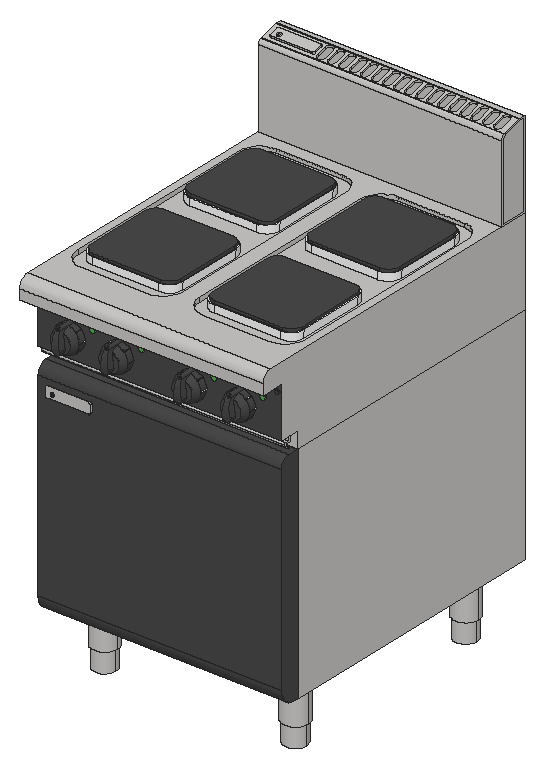
Revit family "QF_Moffat_RNB8400SE-CD_Electric_Cooktops_Sealed_Hobs_cat", category Specialty Equipment, Revit 2019
Family settings
  Round Connector Dimension = Use Diameter
  Part Type = Normal
  Work Plane-Based = No
  Always vertical = Yes
  Cut with Voids When Loaded = No
  Shared = No
  Room Calculation Point = No
Parameters (values of type "RNB8400SE-CD")
  Weight in Kilograms = 79
  Watts = 8800 W
  Volts = 400 V
  URL Cutsheet = ""
  Specification by User = ""
  Specification by Manufacturer = ""
  Show Low Back [instance] = no
  Show Logo [instance] = yes
  Show High Back [instance] = not(Show Low Back)  # yes
  Serial Number = ""
  Seismic Rating = ""
  SMACNA No = ""
  Revision Code = ""
  Phase = 2
  Number of Poles = 1
  NAFEM Spec ID Number = ""
  Model = "RNB8400SE-CD"
  Min Ckt Ampacity = 0 A
  Max Overcurrent Protection = 0 A
  Masterspec = ""
  Manufacturer = "Moffat"
  Length = 600 mm
  Item Number = ""
  Installed By = ""
  Identify Quantity as Lot = yes
  Height = 1130 mm
  HP = ""
  Furnished By = ""
  Foodservice Equipment Identifier = yes
  FL Amps = 22 A
  Electrical Remarks = ""
  Electric Connection Type = ""
  Elec Conn RI Height = 0 mm
  Elec Conn Connection Height = 0 mm
  Description = "Electric Cooktops Sealed Hobs"
  Depth = 805 mm
  Cycle = 50 Hz
  Conn Plug = ""
  Conn Conduit = yes
  CSI MasterFormat = ""
  Apparent Power = if(Phase = 3, Volts * FL Amps * 1.73, Volts * FL Amps)  # 8800 VA
Reference planes
  plane 1 "BACK": y = 0
  plane 2: z = 0
  plane 3 "LEFT": x = 0
  plane 4 "RIGHT": x = 600
  plane 5 "FRONT": y = -805
  plane 6 "TOP": z = 1130
  plane 7 "Center Y": x = 300
  plane 8 "Center X": y = -402.5
Dimensions and locks
  equal spacing: plane 3 "LEFT", plane 7 "Center Y", plane 4 "RIGHT"
  "Length": plane 3 "LEFT" to plane 4 "RIGHT"
  equal spacing: plane 5 "FRONT", plane 8 "Center X", plane 1 "BACK"
  "Depth": plane 5 "FRONT" to plane 1 "BACK"
  "Height": plane 6 "TOP" to level
  aligned and locked: level to plane 2
Nested families
  nested 1: "RN8400SE-CD" at (0, 0, 0), type "RN8400SE-CD"
  nested 2: "High and Low Option" at (0, 0, 0), High Back <- "Show High Back", Low Back <- "Show Low Back", Show Logo <- "Show Logo", type "RNLB8610SE"
    with Show Logo 2 yes, Show Logo 1 no, Show Logo yes, Low Back no, High Back yes
Connectors
  electrical at (470, -30, 148.4), driven by "Volts", driven by "Watts"
    settings: on nested 1, index 1, voltage 400 V, apparent load 8800 VA, apparent load phase1 0 VA, apparent load phase2 0 VA, apparent load phase3 0 VA, power factor 1, load classification "Other", number of poles 1, system type 30, power factor state 1, is connector primary yes, connector utility no, sub classification motor no, connector description "ELECTRICAL CONNECTION"
Definition of nested family "RN8400SE-CD"
  Parameters (values of type "RN8400SE-CD")
    Weight in Kilograms = 131
    URL Cutsheet = ""
    Specification by User = ""
    Specification by Manufacturer = ""
    Serial Number = ""
    Seismic Rating = ""
    SMACNA No = ""
    Revision Code = ""
    NAFEM Spec ID Number = ""
    Model = "RN8400SE-CD"
    Masterspec = ""
    Manufacturer = "Moffat"
    Length = 600 mm
    Item Number = ""
    Installed By = ""
    Identify Quantity as Lot = yes
    Height = 915 mm
    Furnished By = ""
    Foodservice Equipment Identifier = yes
    Description = "Electric Cooktops Sealed Hobs"
    Depth = 805 mm
    CSI MasterFormat = ""
  Reference planes
    plane 1 "BACK": y = 0
    plane 2: z = 0
    plane 3 "LEFT": x = 0
    plane 4 "RIGHT": x = 600
    plane 5 "FRONT": y = -805
    plane 6 "TOP": z = 915
    plane 7 "Center Y": x = 300
    plane 8 "Center X": y = -402.5
    plane 9: x = 470
    plane 10: y = -30
  Forms (mm)
    Extrusion 1, solid
      sketch origin (0, 0, 215) x (0, 1, 0) y (0, 0, 1)
        loop
          line (-749, 525) -> (-699, 525) -> (-699, 485.45) -> (0, 485.45) -> (0, 525) -> (0, 700) -> (-781, 700)
          arc (-781, 700) -> (-797.971, 692.971) -> (-805, 676) r 24
          line (-805, 676) -> (-805, 651) -> (-749, 651) -> (-749, 525)
      from 0 to 600
    Extrusion 2, solid
      sketch origin (0, 0, 0) x (0, 1, 0) y (0, 0, 1)
        loop
          line (-699, 700.45) -> (-725, 700.45)
          arc (-725, 700.45) -> (-741.971, 693.421) -> (-749, 676.45) r 24
          line (-749, 676.45) -> (-749, 188)
          arc (-749, 188) -> (-737.87, 161.13) -> (-711, 150) r 38
          line (-711, 150) -> (-699, 150) -> (-699, 700.45)
      from 0 to 600
    Extrusion 3, solid
      sketch origin (0, 0, 915) x (0, -1, 0) y (1, 0, 0)
        loop
          arc (142, 67) -> (149.908, 47.908) -> (169, 40) r 27
          line (169, 40) -> (335, 40)
          arc (335, 40) -> (354.092, 47.908) -> (362, 67) r 27
          line (362, 67) -> (362, 233)
          arc (362, 233) -> (354.092, 252.092) -> (335, 260) r 27
          line (335, 260) -> (169, 260)
          arc (169, 260) -> (149.908, 252.092) -> (142, 233) r 27
          line (142, 233) -> (142, 67)
        loop
          arc (442, 67) -> (449.908, 47.908) -> (469, 40) r 27
          line (469, 40) -> (635, 40)
          arc (635, 40) -> (654.092, 47.908) -> (662, 67) r 27
          line (662, 67) -> (662, 233)
          arc (662, 233) -> (654.092, 252.092) -> (635, 260) r 27
          line (635, 260) -> (469, 260)
          arc (469, 260) -> (449.908, 252.092) -> (442, 233) r 27
          line (442, 233) -> (442, 67)
      from 8.3 to 14.4
    Extrusion 4, solid
      sketch origin (0, 0, 915) x (0, -1, 0) y (1, 0, 0)
        loop
          line (142, 533) -> (142, 367)
          arc (142, 367) -> (149.908, 347.908) -> (169, 340) r 27
          line (169, 340) -> (335, 340)
          arc (335, 340) -> (354.092, 347.908) -> (362, 367) r 27
          line (362, 367) -> (362, 533)
          arc (362, 533) -> (354.092, 552.092) -> (335, 560) r 27
          line (335, 560) -> (169, 560)
          arc (169, 560) -> (149.908, 552.092) -> (142, 533) r 27
        loop
          line (442, 533) -> (442, 367)
          arc (442, 367) -> (449.908, 347.908) -> (469, 340) r 27
          line (469, 340) -> (635, 340)
          arc (635, 340) -> (654.092, 347.908) -> (662, 367) r 27
          line (662, 367) -> (662, 533)
          arc (662, 533) -> (654.092, 552.092) -> (635, 560) r 27
          line (635, 560) -> (469, 560)
          arc (469, 560) -> (449.908, 552.092) -> (442, 533) r 27
      from 8.3 to 14.4
    Extrusion 5, void
      sketch origin (0, 0, 915) x (1, 0, 0) y (0, -1, 0)
        loop
          line (69, 102) -> (231, 102)
          arc (231, 102) -> (266.355, 116.645) -> (281, 152) r 50
          line (281, 152) -> (281, 652)
          arc (281, 652) -> (266.355, 687.355) -> (231, 702) r 50
          line (231, 702) -> (69, 702)
          arc (69, 702) -> (33.645, 687.355) -> (19, 652) r 50
          line (19, 652) -> (19, 152)
          arc (19, 152) -> (33.645, 116.645) -> (69, 102) r 50
        loop
          arc (531, 102) -> (566.355, 116.645) -> (581, 152) r 50
          line (581, 152) -> (581, 652)
          arc (581, 652) -> (566.355, 687.355) -> (531, 702) r 50
          line (531, 702) -> (369, 702)
          arc (369, 702) -> (333.645, 687.355) -> (319, 652) r 50
          line (319, 652) -> (319, 152)
          arc (319, 152) -> (333.645, 116.645) -> (369, 102) r 50
          line (369, 102) -> (531, 102)
      from 0 to 9.5
    Extrusion 6, solid
      sketch origin (0, 0, 915) x (0, -1, 0) y (1, 0, 0)
        loop
          arc (138, 68) -> (147.373, 45.373) -> (170, 36) r 32
          line (170, 36) -> (333.983, 36)
          arc (333.983, 36) -> (356.61, 45.373) -> (365.983, 68) r 32
          line (365.983, 68) -> (365.983, 232)
          arc (365.983, 232) -> (356.61, 254.627) -> (333.983, 264) r 32
          line (333.983, 264) -> (170, 264)
          arc (170, 264) -> (147.373, 254.627) -> (138, 232) r 32
          line (138, 232) -> (138, 68)
        loop
          line (666, 68) -> (666, 232)
          arc (666, 232) -> (656.627, 254.627) -> (634, 264) r 32
          line (634, 264) -> (470, 264)
          arc (470, 264) -> (447.373, 254.627) -> (438, 232) r 32
          line (438, 232) -> (438, 68)
          arc (438, 68) -> (447.373, 45.373) -> (470, 36) r 32
          line (470, 36) -> (634, 36)
          arc (634, 36) -> (656.627, 45.373) -> (666, 68) r 32
        loop
          line (138, 532) -> (138, 368)
          arc (138, 368) -> (147.373, 345.373) -> (170, 336) r 32
          line (170, 336) -> (333.983, 336)
          arc (333.983, 336) -> (356.61, 345.373) -> (365.983, 368) r 32
          line (365.983, 368) -> (365.983, 532)
          arc (365.983, 532) -> (356.61, 554.627) -> (333.983, 564) r 32
          line (333.983, 564) -> (170, 564)
          arc (170, 564) -> (147.373, 554.627) -> (138, 532) r 32
        loop
          arc (666, 532) -> (656.627, 554.627) -> (634, 564) r 32
          line (634, 564) -> (470, 564)
          arc (470, 564) -> (447.373, 554.627) -> (438, 532) r 32
          line (438, 532) -> (438, 368)
          arc (438, 368) -> (447.373, 345.373) -> (470, 336) r 32
          line (470, 336) -> (634, 336)
          arc (634, 336) -> (656.627, 345.373) -> (666, 368) r 32
          line (666, 368) -> (666, 532)
      from -9.5 to 8.3
    Extrusion 7, solid
      sketch origin (9.358, -749, 935.093) x (0, 0, 1) y (-1, 0, 0)
        loop
          circle (-88.657, -0.657) r 5
        loop
          circle (-88.657, -580.626) r 5
      from 0 to 1.6
    Extrusion 8, solid
      sketch origin (-381.085, -749, 844.742) x (0, 0, 1) y (-1, 0, 0)
        loop
          circle (-20.842, -516.085) r 7.15
        loop
          circle (-20.842, -636.085) r 7.15
        loop
          circle (-20.842, -935.986) r 7.15
        loop
          circle (-20.842, -815.986) r 7.15
      from 0 to 1.6
    Revolve 9, solid
      sketch origin (0, -625, 50) x (0, 0, -1) y (1, 0, 0)
        loop
          line (50, 535) -> (-100, 535) -> (-100, 503.25) -> (0, 503.25) -> (0, 507.5) -> (50, 507.5) -> (50, 535)
        axis (-100, 535) -> (50, 535)
      angle from 0 to 360
    Revolve 10, solid
      sketch origin (0, -100, 50) x (0, 0, -1) y (1, 0, 0)
        loop
          line (50, 535) -> (-100, 535) -> (-100, 503.25) -> (0, 503.25) -> (0, 507.5) -> (50, 507.5) -> (50, 535)
        axis (-100, 535) -> (50, 535)
      angle from 0 to 360
    Revolve 11, solid
      sketch origin (600, -625, 50) x (0, 0, -1) y (1, 0, 0)
        loop
          line (50, -535) -> (50, -507.5) -> (0, -507.5) -> (0, -503.25) -> (-100, -503.25) -> (-100, -535) -> (50, -535)
        axis (-100, -535) -> (50, -535)
      angle from 0 to 360
    Revolve 12, solid
      sketch origin (600, -100, 50) x (0, 0, -1) y (1, 0, 0)
        loop
          line (50, -535) -> (50, -507.5) -> (0, -507.5) -> (0, -503.25) -> (-100, -503.25) -> (-100, -535) -> (50, -535)
        axis (-100, -535) -> (50, -535)
      angle from 0 to 360
    Extrusion 13, solid
      sketch origin (0, 5, 815) x (0, 1, 0) y (0, 0, 1)
        loop
          line (-730.6, -75) -> (-730.6, -85) -> (-740.105, -85)
          arc (-740.105, -85) -> (-743.076, -86.985) -> (-742.379, -90.489) r 3.215
          line (-742.379, -90.489) -> (-731.85, -101.018) -> (-730.719, -99.887) -> (-741.247, -89.358)
          arc (-741.247, -89.358) -> (-741.597, -87.597) -> (-740.105, -86.6) r 1.615
          line (-740.105, -86.6) -> (-729, -86.6) -> (-729, -75) -> (-730.6, -75)
      from 0 to 600
    Extrusion 14, solid
      sketch origin (0, -711, 150) x (1, 0, 0) y (0, -1, 0)
        loop
          circle (470, -681) r 6.4
      from 0 to 1.6
    Extrusion 15, solid
      sketch origin (600, 0, 0) x (0, -1, 0) y (0, 0, 1)
        loop
          line (699, 700.45) -> (0, 700.45) -> (0, 150) -> (699, 150) -> (699, 700.45)
      from 0 to 600
  Cuts and joins
    Extrusion 5 cuts Extrusion 2
    joined: Extrusion 2, Extrusion 14
    Extrusion 5 cuts Extrusion 1
  Lines and regions (mm)
    symbolic lines
      curve 1: line (600, -805, 0) -> (600, 0, 0)
      curve 2: line (600, 0, 0) -> (0, 0, 0)
      curve 3: line (0, 0, 0) -> (0, -805, 0)
      curve 4: line (0, -805, 0) -> (600, -805, 0)
      curve 5: arc (69, -702, 0) -> (33.645, -687.355, 0) -> (19, -652, 0) r 50
      curve 6: line (19, -652, 0) -> (19, -152, 0)
      curve 7: arc (19, -152, 0) -> (33.645, -116.645, 0) -> (69, -102, 0) r 50
      curve 8: line (69, -102, 0) -> (231, -102, 0)
      curve 9: arc (231, -102, 0) -> (266.355, -116.645, 0) -> (281, -152, 0) r 50
      curve 10: line (281, -152, 0) -> (281, -652, 0)
      curve 11: arc (281, -652, 0) -> (266.355, -687.355, 0) -> (231, -702, 0) r 50
      curve 12: line (231, -702, 0) -> (69, -702, 0)
      curve 13: arc (369, -702, 0) -> (333.645, -687.355, 0) -> (319, -652, 0) r 50
      curve 14: line (319, -652, 0) -> (319, -152, 0)
      curve 15: arc (319, -152, 0) -> (333.645, -116.645, 0) -> (369, -102, 0) r 50
      curve 16: line (369, -102, 0) -> (531, -102, 0)
      curve 17: arc (531, -102, 0) -> (566.355, -116.645, 0) -> (581, -152, 0) r 50
      curve 18: line (581, -152, 0) -> (581, -652, 0)
      curve 19: arc (581, -652, 0) -> (566.355, -687.355, 0) -> (531, -702, 0) r 50
      curve 20: line (531, -702, 0) -> (369, -702, 0)
      curve 21: line (340, -469, 0) -> (340, -635, 0)
      curve 22: arc (340, -635, 0) -> (347.908, -654.092, 0) -> (367, -662, 0) r 27
      curve 23: line (367, -662, 0) -> (533, -662, 0)
      curve 24: arc (533, -662, 0) -> (552.092, -654.092, 0) -> (560, -635, 0) r 27
      curve 25: line (560, -635, 0) -> (560, -469, 0)
      curve 26: arc (560, -469, 0) -> (552.092, -449.908, 0) -> (533, -442, 0) r 27
      curve 27: line (533, -442, 0) -> (367, -442, 0)
      curve 28: arc (367, -442, 0) -> (347.908, -449.908, 0) -> (340, -469, 0) r 27
      curve 29: line (336, -470, 0) -> (336, -634, 0)
      curve 30: arc (336, -634, 0) -> (345.373, -656.627, 0) -> (368, -666, 0) r 32
      curve 31: line (368, -666, 0) -> (532, -666, 0)
      curve 32: arc (532, -666, 0) -> (554.627, -656.627, 0) -> (564, -634, 0) r 32
      curve 33: line (564, -634, 0) -> (564, -470, 0)
      curve 34: arc (564, -470, 0) -> (554.627, -447.373, 0) -> (532, -438, 0) r 32
      curve 35: line (532, -438, 0) -> (368, -438, 0)
      curve 36: arc (368, -438, 0) -> (345.373, -447.373, 0) -> (336, -470, 0) r 32
      curve 37: line (340, -169, 0) -> (340, -335, 0)
      curve 38: arc (340, -335, 0) -> (347.908, -354.092, 0) -> (367, -362, 0) r 27
      curve 39: line (367, -362, 0) -> (533, -362, 0)
      curve 40: arc (533, -362, 0) -> (552.092, -354.092, 0) -> (560, -335, 0) r 27
      curve 41: line (560, -335, 0) -> (560, -169, 0)
      curve 42: arc (560, -169, 0) -> (552.092, -149.908, 0) -> (533, -142, 0) r 27
      curve 43: line (533, -142, 0) -> (367, -142, 0)
      curve 44: arc (367, -142, 0) -> (347.908, -149.908, 0) -> (340, -169, 0) r 27
      curve 45: line (336, -170, 0) -> (336, -333.983, 0)
      curve 46: arc (336, -333.983, 0) -> (345.373, -356.61, 0) -> (368, -365.983, 0) r 32
      curve 47: line (368, -365.983, 0) -> (532, -365.983, 0)
      curve 48: arc (532, -365.983, 0) -> (554.627, -356.61, 0) -> (564, -333.983, 0) r 32
      curve 49: line (564, -333.983, 0) -> (564, -170, 0)
      curve 50: arc (564, -170, 0) -> (554.627, -147.373, 0) -> (532, -138, 0) r 32
      curve 51: line (532, -138, 0) -> (368, -138, 0)
      curve 52: arc (368, -138, 0) -> (345.373, -147.373, 0) -> (336, -170, 0) r 32
      curve 53: line (264, -333.983, 0) -> (264, -170, 0)
      curve 54: arc (264, -170, 0) -> (254.627, -147.373, 0) -> (232, -138, 0) r 32
      curve 55: line (232, -138, 0) -> (68, -138, 0)
      curve 56: arc (68, -138, 0) -> (45.373, -147.373, 0) -> (36, -170, 0) r 32
      curve 57: line (36, -170, 0) -> (36, -333.983, 0)
      curve 58: arc (36, -333.983, 0) -> (45.373, -356.61, 0) -> (68, -365.983, 0) r 32
      curve 59: line (68, -365.983, 0) -> (232, -365.983, 0)
      curve 60: arc (232, -365.983, 0) -> (254.627, -356.61, 0) -> (264, -333.983, 0) r 32
      curve 61: line (260, -335, 0) -> (260, -169, 0)
      curve 62: arc (260, -169, 0) -> (252.092, -149.908, 0) -> (233, -142, 0) r 27
      curve 63: line (233, -142, 0) -> (67, -142, 0)
      curve 64: arc (67, -142, 0) -> (47.908, -149.908, 0) -> (40, -169, 0) r 27
      curve 65: line (40, -169, 0) -> (40, -335, 0)
      curve 66: arc (40, -335, 0) -> (47.908, -354.092, 0) -> (67, -362, 0) r 27
      curve 67: line (67, -362, 0) -> (233, -362, 0)
      curve 68: arc (233, -362, 0) -> (252.092, -354.092, 0) -> (260, -335, 0) r 27
      curve 69: arc (260, -469, 0) -> (252.092, -449.908, 0) -> (233, -442, 0) r 27
      curve 70: line (233, -442, 0) -> (67, -442, 0)
      curve 71: arc (67, -442, 0) -> (47.908, -449.908, 0) -> (40, -469, 0) r 27
      curve 72: line (40, -469, 0) -> (40, -635, 0)
      curve 73: arc (40, -635, 0) -> (47.908, -654.092, 0) -> (67, -662, 0) r 27
      curve 74: line (67, -662, 0) -> (233, -662, 0)
      curve 75: arc (233, -662, 0) -> (252.092, -654.092, 0) -> (260, -635, 0) r 27
      curve 76: line (260, -635, 0) -> (260, -469, 0)
      curve 77: arc (264, -470, 0) -> (254.627, -447.373, 0) -> (232, -438, 0) r 32
      curve 78: line (232, -438, 0) -> (68, -438, 0)
      curve 79: arc (68, -438, 0) -> (45.373, -447.373, 0) -> (36, -470, 0) r 32
      curve 80: line (36, -470, 0) -> (36, -634, 0)
      curve 81: arc (36, -634, 0) -> (45.373, -656.627, 0) -> (68, -666, 0) r 32
      curve 82: line (68, -666, 0) -> (232, -666, 0)
      curve 83: arc (232, -666, 0) -> (254.627, -656.627, 0) -> (264, -634, 0) r 32
      curve 84: line (264, -634, 0) -> (264, -470, 0)
  Dimensions and locks
    equal spacing: plane 3 "LEFT", plane 7 "Center Y", plane 4 "RIGHT"
    "Length": plane 3 "LEFT" to plane 4 "RIGHT"
    equal spacing: plane 5 "FRONT", plane 8 "Center X", plane 1 "BACK"
    "Depth": plane 5 "FRONT" to plane 1 "BACK"
    plane 9 to plane 4 "RIGHT" = 130 mm
    plane 10 to plane 1 "BACK" = 30 mm
    "Height": plane 6 "TOP" to level
    aligned and locked: level to plane 2
  Automatic sketch dimensions
    Extrusion 1 sketch curve to plane 5 "FRONT" = 0 mm
    Extrusion 1 sketch curve to plane 5 "FRONT" = 24 mm
    Extrusion 1 sketch curve to plane 5 "FRONT" = 56 mm
    Extrusion 1 sketch curve to Extrusion 1 sketch curve = 50 mm
    Extrusion 1 sketch curve to Extrusion 1 sketch curve = 25 mm
    Extrusion 1 sketch curve to Extrusion 1 sketch curve = 126 mm
    Extrusion 1 sketch curve to Extrusion 1 sketch curve = 175 mm
    Extrusion 1 sketch curve to Extrusion 1 sketch curve = 39.55 mm
    Extrusion 3 sketch curve to Extrusion 3 sketch curve = 27 mm  (x6)
    Extrusion 3 sketch curve to Extrusion 3 sketch curve = 166 mm  (x5)
    Extrusion 1 to Extrusion 3 sketch curve = 67 mm
    Extrusion 3 sketch curve to Extrusion 3 sketch curve = 80 mm
    Extrusion 3 sketch curve to Extrusion 1 = 146 mm  (x2)
    Extrusion 1 to Extrusion 3 sketch curve = 40 mm
    Extrusion 4 sketch curve to Extrusion 4 sketch curve = 27 mm  (x6)
    Extrusion 4 sketch curve to Extrusion 4 sketch curve = 166 mm  (x4)
    Extrusion 1 to Extrusion 4 sketch curve = 67 mm  (x2)
    Extrusion 4 sketch curve to Extrusion 4 sketch curve = 80 mm
    Extrusion 4 sketch curve to Extrusion 1 = 146 mm  (x2)
    Extrusion 4 sketch curve to Extrusion 4 sketch curve = 0 mm
    Extrusion 1 to Extrusion 5 sketch curve = 19 mm  (x2)
    Extrusion 5 sketch curve to Extrusion 5 sketch curve = 50 mm  (x5)
    Extrusion 5 sketch curve to Extrusion 5 sketch curve = 162 mm  (x2)
    Extrusion 5 sketch curve to Extrusion 5 sketch curve = 38 mm
    Extrusion 1 to Extrusion 5 sketch curve = 69 mm  (x2)
    Extrusion 5 sketch curve to Extrusion 1 = 129 mm
    Extrusion 5 sketch curve to Extrusion 5 sketch curve = 0 mm  (x2)
    Extrusion 6 sketch curve to Extrusion 6 sketch curve = 32 mm  (x11)
    Extrusion 1 to Extrusion 6 sketch curve = 36 mm  (x3)
    Extrusion 6 sketch curve to Extrusion 6 sketch curve = 163.983 mm  (x3)
    Extrusion 1 to Extrusion 6 sketch curve = 68 mm  (x2)
    Extrusion 6 sketch curve to Extrusion 6 sketch curve = 0 mm  (x3)
    Extrusion 6 sketch curve to Extrusion 6 sketch curve = 72.017 mm  (x2)
    Extrusion 6 sketch curve to Extrusion 1 = 147 mm  (x3)
    Extrusion 6 sketch curve to Extrusion 6 sketch curve = 164 mm  (x3)
    Extrusion 6 sketch curve to Extrusion 6 sketch curve = 72 mm  (x2)
    plane 4 "RIGHT" to Extrusion 7 sketch curve = 10.016 mm
    Extrusion 7 sketch curve to plane 6 "TOP" = 68.564 mm  (x2)
    plane 3 "LEFT" to Extrusion 7 sketch curve = 10.016 mm
    Extrusion 8 sketch curve to plane 7 "Center Y" = 45 mm
    Extrusion 8 sketch curve to plane 6 "TOP" = 91.1 mm
    plane 4 "RIGHT" to Extrusion 8 sketch curve = 45.099 mm
    Extrusion 8 sketch curve to Extrusion 8 sketch curve = 0 mm  (x3)
    Extrusion 8 sketch curve to Extrusion 8 sketch curve = 120 mm  (x2)
    Revolve 9 sketch curve to level = 0 mm
    level to Revolve 9 sketch curve = 50 mm
    Revolve 9 sketch curve to Revolve 9 sketch curve = 100 mm
    plane 4 "RIGHT" to Revolve 9 sketch curve = 96.75 mm
    Revolve 9 sketch curve to Revolve 9 sketch curve = 4.25 mm
    Revolve 9 sketch curve to Revolve 9 sketch curve = 27.5 mm
    Revolve 9 sketch curve to Revolve 9 sketch curve = 15 mm
    Revolve 9 sketch curve to Revolve 9 sketch curve = 0 mm  (x2)
    Revolve 10 sketch curve to level = 0 mm
    level to Revolve 10 sketch curve = 50 mm
    Revolve 10 sketch curve to Revolve 10 sketch curve = 100 mm
    plane 4 "RIGHT" to Revolve 10 sketch curve = 96.75 mm
    Revolve 10 sketch curve to Revolve 10 sketch curve = 4.25 mm
    Revolve 10 sketch curve to Revolve 10 sketch curve = 27.5 mm
    Revolve 10 sketch curve to Revolve 10 sketch curve = 15 mm
    Revolve 10 sketch curve to Revolve 10 sketch curve = 0 mm  (x2)
    Revolve 11 sketch curve to level = 0 mm
    level to Revolve 11 sketch curve = 50 mm
    Revolve 11 sketch curve to Revolve 11 sketch curve = 100 mm
    plane 3 "LEFT" to Revolve 11 sketch curve = 65 mm
    Revolve 11 sketch curve to Revolve 11 sketch curve = 27.5 mm
    Revolve 11 sketch curve to Revolve 11 sketch curve = 31.75 mm
    Revolve 11 sketch curve to Revolve 11 sketch curve = 15 mm
    Revolve 11 sketch curve to Revolve 11 sketch curve = 0 mm  (x2)
    Revolve 12 sketch curve to level = 0 mm
    level to Revolve 12 sketch curve = 50 mm
    Revolve 12 sketch curve to Revolve 12 sketch curve = 100 mm
    plane 3 "LEFT" to Revolve 12 sketch curve = 65 mm
    Revolve 12 sketch curve to Revolve 12 sketch curve = 27.5 mm
    Revolve 12 sketch curve to Revolve 12 sketch curve = 31.75 mm
    Revolve 12 sketch curve to Revolve 12 sketch curve = 15 mm
    Revolve 12 sketch curve to Revolve 12 sketch curve = 0 mm  (x2)
    plane 1 "BACK" to curve 2 = 0 mm
    curve 2 to plane 3 "LEFT" = 0 mm
    curve 2 to plane 4 "RIGHT" = 0 mm
    plane 5 "FRONT" to curve 1 = 0 mm
    plane 3 "LEFT" to curve 6 = 19 mm
    plane 3 "LEFT" to curve 12 = 69 mm
    plane 3 "LEFT" to curve 8 = 69 mm
    curve 11 to plane 7 "Center Y" = 69 mm
    curve 9 to plane 7 "Center Y" = 69 mm
    curve 10 to plane 7 "Center Y" = 19 mm
    curve 12 to plane 5 "FRONT" = 103 mm
    plane 1 "BACK" to curve 10 = 152 mm
    plane 7 "Center Y" to curve 14 = 19 mm
    plane 7 "Center Y" to curve 16 = 69 mm
    curve 13 to curve 13 = 50 mm
    plane 4 "RIGHT" to curve 19 = 69 mm
    plane 4 "RIGHT" to curve 17 = 69 mm
    plane 4 "RIGHT" to curve 18 = 19 mm
    curve 20 to curve 10 = 50 mm
    curve 13 to curve 21 = 21 mm
    curve 28 to curve 28 = 27 mm
    curve 23 to curve 13 = 2 mm
    plane 4 "RIGHT" to curve 27 = 67 mm
    curve 19 to curve 23 = 2 mm
    curve 26 to curve 25 = 27 mm
    curve 23 to curve 13 = 10 mm
    curve 25 to plane 8 "Center X" = 66.5 mm
    curve 29 to curve 22 = 4 mm
    curve 22 to curve 30 = 1 mm
    curve 28 to curve 36 = 1 mm
    curve 32 to curve 24 = 1 mm
    curve 34 to curve 26 = 1 mm
    curve 26 to curve 33 = 4 mm
    curve 31 to curve 24 = 4 mm
    curve 33 to curve 26 = 1 mm
    plane 7 "Center Y" to curve 37 = 40 mm
    curve 37 to curve 39 = 27 mm
    curve 43 to curve 15 = 2 mm
    curve 17 to curve 42 = 2 mm
    plane 4 "RIGHT" to curve 40 = 67 mm
    curve 40 to curve 41 = 27 mm
    plane 8 "Center X" to curve 39 = 40.5 mm
    curve 42 to curve 17 = 17 mm
    curve 45 to curve 37 = 4 mm
    curve 44 to curve 52 = 1 mm
    curve 39 to curve 47 = 1 mm
    curve 48 to curve 40 = 1 mm
    curve 51 to curve 42 = 1 mm
    curve 42 to curve 49 = 4 mm
    curve 47 to curve 39 = 3.983 mm
    curve 49 to curve 42 = 1 mm
    plane 3 "LEFT" to curve 57 = 36 mm
    curve 56 to curve 7 = 1 mm
    curve 57 to curve 58 = 32 mm
    curve 9 to curve 55 = 1 mm
    curve 60 to plane 7 "Center Y" = 68 mm
    curve 53 to curve 10 = 17 mm
    plane 8 "Center X" to curve 59 = 36.517 mm
    curve 57 to curve 7 = 18 mm
    curve 56 to curve 65 = 4 mm
    curve 63 to curve 56 = 1 mm
    curve 67 to curve 58 = 1 mm
    curve 60 to curve 68 = 1 mm
    curve 54 to curve 62 = 1 mm
    curve 61 to curve 53 = 4 mm
    curve 58 to curve 67 = 3.983 mm
    curve 53 to curve 61 = 1 mm
    curve 6 to curve 72 = 21 mm
    curve 71 to curve 70 = 27 mm
    curve 73 to curve 5 = 2 mm
    curve 69 to plane 7 "Center Y" = 67 mm
    curve 11 to curve 74 = 2 mm
    curve 75 to curve 76 = 27 mm
    curve 74 to curve 5 = 10 mm
    curve 72 to plane 8 "Center X" = 66.5 mm
    curve 80 to curve 72 = 4 mm
    curve 71 to curve 78 = 1 mm
    curve 74 to curve 82 = 1 mm
    curve 83 to curve 75 = 1 mm
    curve 78 to curve 70 = 1 mm
    curve 69 to curve 84 = 4 mm
    curve 82 to curve 74 = 4 mm
    curve 80 to curve 72 = 1 mm
    Extrusion 13 sketch curve to Extrusion 13 sketch curve = 0 mm  (x2)
    Extrusion 13 sketch curve to plane 6 "TOP" = 190.489 mm
    Extrusion 13 sketch curve to plane 5 "FRONT" = 67.621 mm
    Extrusion 13 sketch curve to plane 6 "TOP" = 189.358 mm
    Extrusion 13 sketch curve to Extrusion 13 sketch curve = 1.131 mm
    Extrusion 13 sketch curve to Extrusion 13 sketch curve = 1.142 mm  (x2)
    Extrusion 13 sketch curve to plane 6 "TOP" = 201.018 mm
    Extrusion 13 sketch curve to Extrusion 13 sketch curve = 10.529 mm
    Extrusion 13 sketch curve to Extrusion 13 sketch curve = 9.505 mm
    Extrusion 13 sketch curve to Extrusion 13 sketch curve = 1.6 mm
    Extrusion 13 sketch curve to Extrusion 13 sketch curve = 10 mm
    Extrusion 14 sketch curve to Extrusion 2 = 130 mm
    Extrusion 1 sketch curve to plane 1 "BACK" = 0 mm
    Extrusion 1 to Extrusion 5 sketch curve = 152 mm
    Extrusion 1 sketch curve to plane 6 "TOP" = 214.55 mm
    curve 45 to curve 10 = 18 mm
    Extrusion 2 sketch curve to plane 5 "FRONT" = 94 mm
    Extrusion 2 sketch curve to plane 5 "FRONT" = 80 mm
    Extrusion 2 sketch curve to Extrusion 2 sketch curve = 38 mm
    Extrusion 2 sketch curve to plane 6 "TOP" = 238.55 mm
    Extrusion 2 sketch curve to Extrusion 2 sketch curve = 26 mm
    level to Extrusion 2 sketch curve = 150 mm
    Extrusion 14 sketch curve to Extrusion 2 = 669 mm
    plane 10 to Extrusion 15 sketch curve = 30 mm
    Extrusion 15 sketch curve to plane 5 "FRONT" = 106 mm
    level to Extrusion 15 sketch curve = 150 mm
    Extrusion 15 sketch curve to plane 6 "TOP" = 214.55 mm
    radius of Extrusion 7 sketch curve = 5 mm  (x2)
    radius of Extrusion 8 sketch curve = 7.15 mm  (x4)
    radius of Extrusion 14 sketch curve = 6.4 mm
  Nested families
    nested 1: "Knob" at (57.503, -749, 764.5), type "Knob"
    nested 2: "Knob" at (177.503, -749, 764.5), type "Knob"
    nested 3: "Knob" at (357.503, -749, 764.5), type "Knob"
    nested 4: "Knob" at (477.503, -749, 764.5), type "Knob"
    nested 5: "QF_LOGO_Waldorf" at (22.139, -749, 634.843), type "QF_LOGO_Waldorf"
  Definition of nested family "Knob"
    Parameters (values of type "Knob")
      Weight in Pounds = 0
      URL Cutsheet = ""
      Specification by User = ""
      Specification by Manufacturer = ""
      Serial Number = ""
      Seismic Rating = ""
      SMACNA No = ""
      Revision Code = ""
      NAFEM Spec ID Number = ""
      Masterspec = ""
      Length = 65 mm
      Item Number = ""
      Installed By = ""
      Identify Quantity as Lot = yes
      Height = 69.5 mm
      Furnished By = ""
      Foodservice Equipment Identifier = yes
      Depth = 59 mm
      CSI MasterFormat = ""
    Reference planes
      plane 1 "BACK": y = 0
      plane 2: z = 0
      plane 3 "LEFT": x = 0
      plane 4 "RIGHT": x = 65
      plane 5 "FRONT": y = -59
      plane 6 "TOP": z = 69.5
      plane 7 "Center Y": x = 32.5
      plane 8 "Center X": y = -29.5
    Forms (mm)
      Revolve 1, solid
        sketch origin (32.5, 175.397, 1219.2) x (0, 1, 0) y (0, 0, 1)
          loop
            line (-175.397, -1186.7) -> (-219.397, -1186.7) -> (-219.397, -1211.501) -> (-202.106, -1219.2) -> (-185.397, -1219.2) -> (-185.397, -1191.7) -> (-175.397, -1191.7) -> (-175.397, -1186.7)
          axis (-219.397, -1186.7) -> (-175.397, -1186.7)
        angle from 0 to 360
      Extrusion 2, solid
        sketch origin (32.5, 175.397, 1219.2) x (0, 1, 0) y (0, 0, 1)
          loop
            line (-202.106, -1154.2) -> (-185.397, -1154.2) -> (-185.397, -1149.7) -> (-224.105, -1149.7)
            arc (-224.105, -1149.7) -> (-233.965, -1178.467) -> (-230.696, -1208.7) r 70
            line (-230.696, -1208.7) -> (-219.397, -1208.7) -> (-219.397, -1161.899) -> (-202.106, -1154.2)
        from -15 to 15
      Extrusion 3, void
        sketch origin (0, 0, 0) x (1, 0, 0) y (0, 0, 1)
          loop
            line (27.501, 64.613) -> (22.02, 20.585)
            arc (22.02, 20.585) -> (32.792, 10.488) -> (42.986, 21.169) r 10.487
            line (42.986, 21.169) -> (37.499, 64.613)
            arc (37.499, 64.613) -> (32.5, 69.5) -> (27.501, 64.613) r 5
          loop
            line (10, 72.977) -> (10, 5.625) -> (55, 5.625) -> (55, 72.977) -> (10, 72.977)
        from 6.142 to 69.687
      Extrusion 4, solid
        sketch origin (0, -34.115, -16.916) x (1, 0, 0) y (0, 0.45399, 0.891007)
          loop
            circle (32.497, 65) r 2
        from 51.525 to 53.075
      Extrusion 5, solid
        sketch origin (32.5, -10, 32.5) x (0, 0, -1) y (-1, 0, 0)
          loop
            line (-23.54, -22.408) -> (-24.106, -22.974)
            arc (-24.106, -22.974) -> (-23.547, -23.547) -> (-22.974, -24.106) r 33.3
            line (-22.974, -24.106) -> (-22.408, -23.54)
            arc (-22.408, -23.54) -> (-22.981, -22.981) -> (-23.54, -22.408) r 32.5
          loop
            arc (-0.8, -33.29) -> (0, -33.3) -> (0.8, -33.29) r 33.3
            line (0.8, -33.29) -> (0.8, -32.49)
            arc (0.8, -32.49) -> (0, -32.5) -> (-0.8, -32.49) r 32.5
            line (-0.8, -32.49) -> (-0.8, -33.29)
          loop
            arc (23.54, -22.408) -> (22.981, -22.981) -> (22.408, -23.54) r 32.5
            line (22.408, -23.54) -> (22.974, -24.106)
            arc (22.974, -24.106) -> (23.547, -23.547) -> (24.106, -22.974) r 33.3
            line (24.106, -22.974) -> (23.54, -22.408)
          loop
            arc (-23.54, 22.408) -> (-22.981, 22.981) -> (-22.408, 23.54) r 32.5
            line (-22.408, 23.54) -> (-22.974, 24.106)
            arc (-22.974, 24.106) -> (-23.547, 23.547) -> (-24.106, 22.974) r 33.3
            line (-24.106, 22.974) -> (-23.54, 22.408)
          loop
            line (-0.8, 33.29) -> (-0.8, 32.49)
            arc (-0.8, 32.49) -> (0, 32.5) -> (0.8, 32.49) r 32.5
            line (0.8, 32.49) -> (0.8, 33.29)
            arc (0.8, 33.29) -> (0, 33.3) -> (-0.8, 33.29) r 33.3
          loop
            line (32.49, -0.8) -> (33.29, -0.8)
            arc (33.29, -0.8) -> (33.3, 0) -> (33.29, 0.8) r 33.3
            line (33.29, 0.8) -> (32.49, 0.8)
            arc (32.49, 0.8) -> (32.5, 0) -> (32.49, -0.8) r 32.5
          loop
            arc (24.106, 22.974) -> (23.547, 23.547) -> (22.974, 24.106) r 33.3
            line (22.974, 24.106) -> (22.408, 23.54)
            arc (22.408, 23.54) -> (22.981, 22.981) -> (23.54, 22.408) r 32.5
            line (23.54, 22.408) -> (24.106, 22.974)
        from 0 to -16.709
    Cuts and joins
      Extrusion 3 cuts Extrusion 2
    Dimensions and locks
      equal spacing: plane 3 "LEFT", plane 7 "Center Y", plane 4 "RIGHT"
      "Length": plane 3 "LEFT" to plane 4 "RIGHT"
      equal spacing: plane 5 "FRONT", plane 8 "Center X", plane 1 "BACK"
      "Depth": plane 5 "FRONT" to plane 1 "BACK"
      "Height": plane 6 "TOP" to level
      plane 4 "RIGHT" to plane 3 "LEFT" = 65 mm
      aligned and locked: level to plane 2
    Automatic sketch dimensions
      Revolve 1 sketch curve to level = 0 mm
      Revolve 1 sketch curve to plane 1 "BACK" = 0 mm  (x2)
      plane 1 "BACK" to Revolve 1 sketch curve = 10 mm
      plane 8 "Center X" to Revolve 1 sketch curve = 2.791 mm
      Revolve 1 sketch curve to plane 8 "Center X" = 14.5 mm
      level to Revolve 1 sketch curve = 7.699 mm
      level to Revolve 1 sketch curve = 27.5 mm
      Revolve 1 sketch curve to Revolve 1 sketch curve = 5 mm
      Revolve 1 sketch curve to Revolve 1 sketch curve = 35 mm
      Revolve 1 sketch curve to Revolve 1 sketch curve = 0 mm
      Extrusion 2 sketch curve to plane 6 "TOP" = 0 mm
      Extrusion 2 sketch curve to plane 5 "FRONT" = 3.702 mm
      Extrusion 2 sketch curve to plane 5 "FRONT" = 10.293 mm
      Extrusion 2 sketch curve to Extrusion 2 sketch curve = 11.298 mm
      plane 8 "Center X" to Extrusion 2 sketch curve = 2.791 mm
      plane 1 "BACK" to Extrusion 2 sketch curve = 10 mm
      Extrusion 2 sketch curve to plane 1 "BACK" = 11 mm
      Extrusion 2 sketch curve to plane 6 "TOP" = 4.5 mm
      Extrusion 2 sketch curve to plane 6 "TOP" = 12.199 mm
      level to Extrusion 2 sketch curve = 32.962 mm
      level to Extrusion 3 sketch curve = 5.625 mm
      Extrusion 3 sketch curve to plane 7 "Center Y" = 0 mm  (x2)
      Extrusion 3 sketch curve to plane 7 "Center Y" = 4.999 mm
      Extrusion 3 sketch curve to plane 7 "Center Y" = 10.48 mm
      plane 6 "TOP" to Extrusion 3 sketch curve = 3.477 mm
      plane 3 "LEFT" to Extrusion 3 sketch curve = 10 mm
      Extrusion 3 sketch curve to plane 6 "TOP" = 4.887 mm
      Extrusion 3 sketch curve to Extrusion 3 sketch curve = 4.999 mm
      plane 7 "Center Y" to Extrusion 3 sketch curve = 10.486 mm
      level to Extrusion 3 sketch curve = 20.585 mm
      Extrusion 3 sketch curve to Extrusion 3 sketch curve = 0.387 mm
      Extrusion 3 sketch curve to Extrusion 3 sketch curve = 0.113 mm
      plane 4 "RIGHT" to Extrusion 3 sketch curve = 10 mm
      Extrusion 5 sketch curve to Revolve 1 = 32.49 mm
      Revolve 1 to Extrusion 5 sketch curve = 32.49 mm
      Extrusion 5 sketch curve to Revolve 1 = 23.54 mm  (x2)
      Revolve 1 to Extrusion 5 sketch curve = 23.54 mm  (x2)
      Extrusion 5 sketch curve to Revolve 1 = 24.106 mm  (x2)
      Revolve 1 to Extrusion 5 sketch curve = 24.106 mm  (x2)
      Revolve 1 to Extrusion 5 sketch curve = 22.408 mm  (x2)
      Extrusion 5 sketch curve to Revolve 1 = 22.408 mm  (x2)
      Revolve 1 to Extrusion 5 sketch curve = 22.974 mm  (x2)
      Extrusion 5 sketch curve to Revolve 1 = 22.974 mm  (x2)
      Extrusion 5 sketch curve to Extrusion 5 sketch curve = 1.6 mm  (x2)
      Revolve 1 to Extrusion 5 sketch curve = 0.8 mm
      Extrusion 5 sketch curve to Revolve 1 = 0.8 mm
      Extrusion 4 sketch curve to plane 7 "Center Y" = 0.003 mm
      radius of Extrusion 5 sketch curve to Revolve 1 = 0 mm  (x7)
      radius of Revolve 1 to Extrusion 5 sketch curve = 0.8 mm  (x7)
      radius of Extrusion 4 sketch curve = 2 mm
  Definition of nested family "QF_LOGO_Waldorf"
    Parameters (values of type "QF_LOGO_Waldorf")
      Weight in Pounds = 0
      URL Cutsheet = ""
      Specification by User = ""
      Specification by Manufacturer = ""
      Serial Number = ""
      Seismic Rating = ""
      SMACNA No = ""
      Revision Code = ""
      NAFEM Spec ID Number = ""
      Masterspec = ""
      Length = 138 mm
      Item Number = ""
      Installed By = ""
      Identify Quantity as Lot = yes
      Height = 26.711 mm
      Furnished By = ""
      Foodservice Equipment Identifier = yes
      Depth = 3.175 mm
      CSI MasterFormat = ""
    Reference planes
      plane 1 "BACK": y = 0
      plane 2: z = 0
      plane 3 "LEFT": x = 0
      plane 4 "RIGHT": x = 138
      plane 5 "FRONT": y = -3.175
      plane 6 "TOP": z = 26.711
      plane 7 "Center Y": x = 69
      plane 8 "Center X": y = -1.587
    Forms (mm)
      Extrusion 1, solid
        sketch origin (0, 0, 0) x (1, 0, 0) y (0, 0, 1)
          loop
            line (109, 3.464) -> (109, 23.247)
            spline (109, 23.247) -> (108.966, 23.699) -> (108.864, 24.143) -> (108.696, 24.572) -> (108.464, 24.979) -> (108.173, 25.355) -> (107.828, 25.696) -> (107.435, 25.995) -> (107, 26.247) -> (106.531, 26.447) -> (106.035, 26.593) -> (105.522, 26.681) -> (105, 26.711)
            line (105, 26.711) -> (4, 26.711)
            spline (4, 26.711) -> (3.478, 26.681) -> (2.965, 26.593) -> (2.469, 26.447) -> (2, 26.247) -> (1.565, 25.995) -> (1.172, 25.696) -> (0.827, 25.355) -> (0.536, 24.979) -> (0.304, 24.572) -> (0.136, 24.143) -> (0.034, 23.699) -> (0, 23.247)
            line (0, 23.247) -> (0, 3.464)
            spline (0, 3.464) -> (0.034, 3.012) -> (0.136, 2.568) -> (0.304, 2.138) -> (0.536, 1.732) -> (0.827, 1.355) -> (1.172, 1.015) -> (1.565, 0.716) -> (2, 0.464) -> (2.469, 0.264) -> (2.965, 0.118) -> (3.478, 0.03) -> (4, 0)
            line (4, 0) -> (105, 0)
            spline (105, 0) -> (105.522, 0.03) -> (106.035, 0.118) -> (106.531, 0.264) -> (107, 0.464) -> (107.435, 0.716) -> (107.828, 1.015) -> (108.173, 1.355) -> (108.464, 1.732) -> (108.696, 2.138) -> (108.864, 2.568) -> (108.966, 3.012) -> (109, 3.464)
          loop
            line (14.75, 7.005) -> (14.75, 15.654)
            arc (14.75, 15.654) -> (10.425, 11.329) -> (14.75, 7.005) r 4.325
          loop
            line (15.25, 15.654) -> (15.25, 7.005)
            arc (15.25, 7.005) -> (19.575, 11.329) -> (15.25, 15.654) r 4.325
        from 0 to 3.2
      Extrusion 2, solid
        sketch origin (0, 0, 0) x (1, 0, 0) y (0, 0, 1)
          loop
            line (15.25, 15.654) -> (15.25, 7.005)
            arc (15.25, 7.005) -> (19.575, 11.329) -> (15.25, 15.654) r 4.325
        from 0 to 3.2
      Extrusion 3, solid
        sketch origin (16.271, 0, 0) x (-1, 0, 0) y (0, 0, -1)
          loop
            arc (1.521, -15.654) -> (5.846, -11.329) -> (1.521, -7.005) r 4.325
            line (1.521, -7.005) -> (1.521, -15.654)
        from 0 to 3.2
    Lines and regions (mm)
      Split face 1
        outline origin (0, -3.2, 0) x (1, 0, 0) y (0, 0, 1)
          loop
            spline (22.129, 16.975) -> (22.389, 15.984) -> (22.649, 15.002) -> (22.91, 14.028) -> (23.172, 13.065) -> (23.433, 12.11) -> (23.695, 11.166) -> (23.956, 10.232) -> (24.218, 9.308) -> (24.479, 8.396) -> (24.74, 7.495) -> (25, 6.605) -> (25.26, 5.728)
            line (25.26, 5.728) -> (29.463, 5.728)
            spline (29.463, 5.728) -> (29.582, 6.252) -> (29.701, 6.78) -> (29.82, 7.313) -> (29.939, 7.85) -> (30.058, 8.391) -> (30.178, 8.936) -> (30.297, 9.485) -> (30.416, 10.038) -> (30.536, 10.594) -> (30.655, 11.155) -> (30.775, 11.719) -> (30.894, 12.287)
            spline (30.894, 12.287) -> (31.018, 11.719) -> (31.142, 11.155) -> (31.266, 10.594) -> (31.39, 10.038) -> (31.514, 9.485) -> (31.638, 8.936) -> (31.762, 8.391) -> (31.885, 7.85) -> (32.009, 7.313) -> (32.133, 6.78) -> (32.256, 6.252) -> (32.379, 5.728)
            line (32.379, 5.728) -> (36.51, 5.728)
            spline (36.51, 5.728) -> (36.766, 6.605) -> (37.023, 7.495) -> (37.28, 8.396) -> (37.538, 9.308) -> (37.795, 10.232) -> (38.053, 11.166) -> (38.311, 12.11) -> (38.569, 13.065) -> (38.826, 14.028) -> (39.083, 15.002) -> (39.34, 15.984) -> (39.597, 16.975)
            line (39.597, 16.975) -> (35.637, 16.975)
            spline (35.637, 16.975) -> (35.523, 16.334) -> (35.41, 15.697) -> (35.296, 15.063) -> (35.182, 14.433) -> (35.068, 13.807) -> (34.954, 13.185) -> (34.84, 12.566) -> (34.726, 11.952) -> (34.612, 11.342) -> (34.497, 10.737) -> (34.383, 10.135) -> (34.269, 9.538)
            spline (34.269, 9.538) -> (34.138, 10.135) -> (34.008, 10.737) -> (33.877, 11.342) -> (33.746, 11.952) -> (33.616, 12.566) -> (33.485, 13.185) -> (33.354, 13.807) -> (33.224, 14.433) -> (33.093, 15.063) -> (32.963, 15.697) -> (32.833, 16.334) -> (32.703, 16.975)
            line (32.703, 16.975) -> (29.247, 16.975)
            spline (29.247, 16.975) -> (29.111, 16.334) -> (28.974, 15.697) -> (28.837, 15.063) -> (28.7, 14.433) -> (28.562, 13.807) -> (28.425, 13.185) -> (28.288, 12.566) -> (28.15, 11.952) -> (28.013, 11.342) -> (27.875, 10.737) -> (27.738, 10.135) -> (27.6, 9.538)
            spline (27.6, 9.538) -> (27.483, 10.135) -> (27.366, 10.737) -> (27.249, 11.342) -> (27.132, 11.952) -> (27.015, 12.566) -> (26.897, 13.185) -> (26.78, 13.807) -> (26.663, 14.433) -> (26.546, 15.063) -> (26.43, 15.697) -> (26.313, 16.334) -> (26.196, 16.975)
            line (26.196, 16.975) -> (22.129, 16.975)
      Split face 2
        outline origin (0, -3.2, 0) x (1, 0, 0) y (0, 0, 1)
          loop
            line (51.449, 5.728) -> (51.035, 6.606) -> (51.035, 11.169)
            spline (51.035, 11.169) -> (50.686, 12.42) -> (50.176, 13.224) -> (49.51, 13.708) -> (48.693, 13.995) -> (47.747, 14.152) -> (46.698, 14.207) -> (45.579, 14.186) -> (44.419, 14.114) -> (43.279, 13.929) -> (42.249, 13.481) -> (41.424, 12.614) -> (40.897, 11.169)
            line (40.897, 11.169) -> (44.617, 11.169) -> (44.988, 11.965)
            spline (44.988, 11.965) -> (47.294, 11.682) -> (46.856, 10.932) -> (45.527, 10.609) -> (43.858, 10.439) -> (42.259, 10.123) -> (41.078, 9.417) -> (40.563, 8.246) -> (40.689, 6.989) -> (41.407, 6.052) -> (42.774, 5.536) -> (44.847, 5.497) -> (47.306, 6.602)
            line (47.306, 6.602) -> (47.624, 5.728) -> (51.449, 5.728)
      Split face 3
        outline origin (0, -3.2, 0) x (1, 0, 0) y (0, 0, 1)
          loop
            line (47.264, 9.264) -> (44.938, 8.597)
            spline (44.938, 8.597) -> (44.508, 8.228) -> (44.402, 7.9) -> (44.548, 7.626) -> (44.877, 7.42) -> (45.317, 7.295) -> (45.797, 7.265) -> (46.252, 7.342) -> (46.65, 7.525) -> (46.971, 7.813) -> (47.194, 8.201) -> (47.298, 8.685) -> (47.264, 9.264)
      Split face 4
        outline origin (0, -3.2, 0) x (1, 0, 0) y (0, 0, 1)
          loop
            line (53.33, 16.975) -> (53.33, 5.728) -> (57.173, 5.728) -> (57.173, 16.975) -> (53.33, 16.975)
      Split face 5
        outline origin (0, -3.2, 0) x (1, 0, 0) y (0, 0, 1)
          loop
            line (65.795, 16.975) -> (65.795, 12.976)
            spline (65.795, 12.976) -> (63.839, 14.082) -> (62.087, 14.096) -> (60.633, 13.343) -> (59.574, 12.148) -> (58.99, 10.806) -> (58.867, 9.452) -> (59.156, 8.159) -> (59.81, 7) -> (60.786, 6.056) -> (62.111, 5.514) -> (63.868, 5.634) -> (66.137, 6.679)
            line (66.137, 6.679) -> (66.137, 5.728) -> (69.511, 5.728) -> (69.511, 16.975) -> (65.795, 16.975)
      Split face 6
        outline origin (0, -3.2, 0) x (1, 0, 0) y (0, 0, 1)
          loop
            spline (64.273, 7.499) -> (64.754, 7.57) -> (65.202, 7.777) -> (65.587, 8.106) -> (65.882, 8.535) -> (66.067, 9.034) -> (66.131, 9.57) -> (66.067, 10.106) -> (65.882, 10.605) -> (65.587, 11.034) -> (65.202, 11.363) -> (64.754, 11.57) -> (64.273, 11.64)
            spline (64.273, 11.64) -> (63.793, 11.57) -> (63.345, 11.363) -> (62.96, 11.034) -> (62.665, 10.605) -> (62.479, 10.106) -> (62.416, 9.57) -> (62.479, 9.034) -> (62.665, 8.535) -> (62.96, 8.106) -> (63.345, 7.777) -> (63.793, 7.57) -> (64.273, 7.499)
      Split face 7
        outline origin (0, -3.2, 0) x (1, 0, 0) y (0, 0, 1)
          loop
            spline (76.449, 5.305) -> (77.855, 5.457) -> (79.166, 5.901) -> (80.291, 6.607) -> (81.155, 7.527) -> (81.698, 8.599) -> (81.883, 9.749) -> (81.698, 10.899) -> (81.155, 11.97) -> (80.291, 12.891) -> (79.166, 13.597) -> (77.855, 14.041) -> (76.449, 14.192)
            spline (76.449, 14.192) -> (75.042, 14.041) -> (73.731, 13.597) -> (72.606, 12.891) -> (71.742, 11.97) -> (71.199, 10.899) -> (71.014, 9.749) -> (71.199, 8.599) -> (71.742, 7.527) -> (72.606, 6.607) -> (73.731, 5.901) -> (75.042, 5.457) -> (76.449, 5.305)
      Split face 8
        outline origin (0, -3.2, 0) x (1, 0, 0) y (0, 0, 1)
          loop
            spline (76.449, 7.654) -> (76.841, 7.725) -> (77.206, 7.934) -> (77.52, 8.267) -> (77.76, 8.701) -> (77.912, 9.206) -> (77.963, 9.749) -> (77.912, 10.291) -> (77.76, 10.796) -> (77.52, 11.23) -> (77.206, 11.563) -> (76.841, 11.772) -> (76.449, 11.843)
            spline (76.449, 11.843) -> (76.057, 11.772) -> (75.691, 11.563) -> (75.378, 11.23) -> (75.137, 10.796) -> (74.986, 10.291) -> (74.934, 9.749) -> (74.986, 9.206) -> (75.137, 8.701) -> (75.378, 8.267) -> (75.691, 7.934) -> (76.057, 7.725) -> (76.449, 7.654)
      Split face 9
        outline origin (0, -3.2, 0) x (1, 0, 0) y (0, 0, 1)
          loop
            line (86.998, 12.335) -> (86.998, 13.879) -> (83.479, 13.879) -> (83.479, 5.728) -> (87.312, 5.728) -> (87.312, 8.975)
            spline (87.312, 8.975) -> (87.364, 9.356) -> (87.458, 9.686) -> (87.594, 9.968) -> (87.769, 10.204) -> (87.982, 10.398) -> (88.229, 10.55) -> (88.509, 10.666) -> (88.82, 10.746) -> (89.16, 10.794) -> (89.525, 10.812) -> (89.915, 10.803) -> (90.327, 10.77)
            line (90.327, 10.77) -> (90.327, 14.113)
            spline (90.327, 14.113) -> (89.929, 14.127) -> (89.552, 14.111) -> (89.197, 14.066) -> (88.865, 13.991) -> (88.554, 13.887) -> (88.266, 13.754) -> (87.999, 13.591) -> (87.755, 13.399) -> (87.532, 13.177) -> (87.332, 12.926) -> (87.154, 12.645) -> (86.998, 12.335)
      Split face 10
        outline origin (0, -3.2, 0) x (1, 0, 0) y (0, 0, 1)
          loop
            line (92.082, 13.879) -> (90.894, 13.879) -> (90.894, 11.972) -> (92.082, 11.972) -> (92.082, 5.728) -> (95.871, 5.728) -> (95.871, 11.972) -> (97.5, 11.972) -> (97.5, 13.879) -> (95.871, 13.879)
            spline (95.871, 13.879) -> (95.843, 14.088) -> (95.845, 14.278) -> (95.877, 14.447) -> (95.939, 14.596) -> (96.03, 14.726) -> (96.151, 14.835) -> (96.301, 14.925) -> (96.482, 14.995) -> (96.692, 15.045) -> (96.931, 15.075) -> (97.201, 15.085) -> (97.5, 15.076)
            line (97.5, 15.076) -> (97.5, 17.266) -> (95.367, 17.266)
            spline (95.367, 17.266) -> (94.982, 17.253) -> (94.58, 17.21) -> (94.174, 17.132) -> (93.774, 17.013) -> (93.39, 16.846) -> (93.034, 16.627) -> (92.717, 16.349) -> (92.448, 16.007) -> (92.24, 15.595) -> (92.102, 15.106) -> (92.046, 14.537) -> (92.082, 13.879)
    Dimensions and locks
      equal spacing: plane 3 "LEFT", plane 7 "Center Y", plane 4 "RIGHT"
      "Length": plane 3 "LEFT" to plane 4 "RIGHT"
      equal spacing: plane 5 "FRONT", plane 8 "Center X", plane 1 "BACK"
      "Depth": plane 5 "FRONT" to plane 1 "BACK"
      "Height": plane 6 "TOP" to level
      plane 4 "RIGHT" to plane 3 "LEFT" = 138 mm
      aligned and locked: level to plane 2
    Automatic sketch dimensions
      Extrusion 1 sketch curve to plane 3 "LEFT" = 0 mm
      Extrusion 1 sketch curve to plane 6 "TOP" = 0 mm
      Extrusion 1 sketch curve to level = 0 mm
      plane 3 "LEFT" to Extrusion 1 sketch curve = 4 mm  (x2)
      Extrusion 1 sketch curve to Extrusion 1 sketch curve = 10.75 mm
      Extrusion 1 sketch curve to Extrusion 1 sketch curve = 0.5 mm
      plane 4 "RIGHT" to Extrusion 1 sketch curve = 33 mm
      Extrusion 1 sketch curve to Extrusion 1 sketch curve = 0 mm  (x3)
      Extrusion 1 sketch curve to Extrusion 1 sketch curve = 4 mm
      level to Extrusion 1 sketch curve = 3.464 mm  (x2)
      level to Extrusion 1 sketch curve = 7.005 mm
      Extrusion 1 sketch curve to Extrusion 1 sketch curve = 4.325 mm
      Extrusion 1 sketch curve to plane 6 "TOP" = 3.464 mm  (x2)
      Extrusion 2 sketch curve to Extrusion 2 sketch curve = 4.325 mm
      level to Extrusion 2 sketch curve = 7.005 mm
      plane 3 "LEFT" to Extrusion 2 sketch curve = 15.25 mm
      Extrusion 3 sketch curve to Extrusion 3 sketch curve = 4.325 mm
      Extrusion 3 sketch curve to level = 7.005 mm
      Extrusion 3 sketch curve to plane 3 "LEFT" = 14.75 mm
      Extrusion 1 to Split face 1 sketch curve = 6.879 mm
      Split face 1 sketch curve to Extrusion 1 = 5.728 mm
      Split face 1 sketch curve to Split face 1 sketch curve = 3.132 mm
      Split face 1 sketch curve to Split face 1 sketch curve = 4.068 mm
      Split face 1 sketch curve to Split face 1 sketch curve = 3.051 mm
      Split face 1 sketch curve to Split face 1 sketch curve = 4.203 mm
      Split face 1 sketch curve to Split face 1 sketch curve = 2.916 mm
      Split face 1 sketch curve to Split face 1 sketch curve = 3.456 mm
      Split face 1 sketch curve to Split face 1 sketch curve = 2.934 mm
      Split face 1 sketch curve to Split face 1 sketch curve = 4.131 mm
      Split face 1 sketch curve to Split face 1 sketch curve = 3.96 mm
      Split face 1 sketch curve to Split face 1 sketch curve = 0 mm  (x2)
      Split face 1 sketch curve to Extrusion 1 = 9.736 mm  (x2)
      Extrusion 1 to Split face 1 sketch curve = 6.337 mm
      Extrusion 1 to Split face 1 sketch curve = 6.231 mm
      Extrusion 1 to Split face 1 sketch curve = 3.184 mm
      Extrusion 1 to Split face 1 sketch curve = 13.135 mm
      Split face 1 sketch curve to Split face 1 sketch curve = 4.652 mm
      Split face 1 sketch curve to Split face 1 sketch curve = 3.593 mm
      Split face 1 sketch curve to Split face 1 sketch curve = 1.863 mm
      Split face 1 sketch curve to Split face 1 sketch curve = 0.713 mm
      Split face 1 sketch curve to Split face 1 sketch curve = 2.684 mm
      Split face 1 sketch curve to Split face 1 sketch curve = 3.294 mm
      Split face 1 sketch curve to Split face 1 sketch curve = 0.459 mm
      Split face 1 sketch curve to Split face 1 sketch curve = 2.775 mm
      Split face 1 sketch curve to Split face 1 sketch curve = 1.89 mm
      Split face 1 sketch curve to Split face 1 sketch curve = 0.685 mm
      Split face 1 sketch curve to Split face 1 sketch curve = 9.486 mm
      Split face 1 sketch curve to Split face 1 sketch curve = 16.213 mm
      Split face 1 sketch curve to Split face 1 sketch curve = 3.48 mm
      Split face 1 sketch curve to Split face 1 sketch curve = 4.918 mm
      Split face 1 sketch curve to Split face 1 sketch curve = 7.609 mm
      Split face 1 sketch curve to Split face 1 sketch curve = 0.01 mm  (x2)
      Split face 1 sketch curve to Split face 1 sketch curve = 0.002 mm
      Split face 2 sketch curve to Extrusion 1 = 11.169 mm
      Extrusion 1 to Split face 2 sketch curve = 25.647 mm
      Split face 2 sketch curve to Split face 2 sketch curve = 3.72 mm
      Split face 2 sketch curve to Extrusion 1 = 11.965 mm
      Split face 2 sketch curve to Split face 2 sketch curve = 0.371 mm
      Split face 2 sketch curve to Extrusion 1 = 6.602 mm
      Split face 2 sketch curve to Split face 2 sketch curve = 2.689 mm
      Split face 2 sketch curve to Split face 2 sketch curve = 0.318 mm
      Split face 2 sketch curve to Split face 2 sketch curve = 3.729 mm
      Split face 2 sketch curve to Split face 2 sketch curve = 0.414 mm
      Split face 2 sketch curve to Split face 2 sketch curve = 0.875 mm
      Split face 2 sketch curve to Split face 2 sketch curve = 0.878 mm
      Split face 3 sketch curve to Extrusion 1 = 8.597 mm
      Extrusion 1 to Split face 3 sketch curve = 29.688 mm
      Split face 3 sketch curve to Extrusion 1 = 9.264 mm
      Split face 3 sketch curve to Split face 3 sketch curve = 2.326 mm
      Split face 4 sketch curve to Extrusion 1 = 5.728 mm
      Extrusion 1 to Split face 4 sketch curve = 38.08 mm
      Split face 4 sketch curve to Split face 4 sketch curve = 3.843 mm
      Split face 4 sketch curve to Extrusion 1 = 9.736 mm
      Split face 5 sketch curve to Extrusion 1 = 12.976 mm
      Split face 5 sketch curve to Extrusion 1 = 43.205 mm
      Split face 5 sketch curve to Extrusion 1 = 6.679 mm
      Split face 5 sketch curve to Split face 5 sketch curve = 0.342 mm
      Split face 5 sketch curve to Split face 5 sketch curve = 3.375 mm
      Split face 5 sketch curve to Split face 5 sketch curve = 0.952 mm
      Split face 5 sketch curve to Split face 5 sketch curve = 3.998 mm
      Split face 6 sketch curve to Extrusion 1 = 7.499 mm
      Split face 6 sketch curve to Extrusion 1 = 44.727 mm
      Split face 6 sketch curve to Split face 6 sketch curve = 2.07 mm
      Split face 7 sketch curve to Extrusion 1 = 5.305 mm
      Split face 7 sketch curve to Extrusion 1 = 32.551 mm
      Split face 7 sketch curve to Split face 7 sketch curve = 4.443 mm
      Split face 8 sketch curve to Split face 8 sketch curve = 2.095 mm
      Split face 8 sketch curve to Extrusion 1 = 7.654 mm
      Split face 8 sketch curve to Extrusion 1 = 32.551 mm
      Split face 9 sketch curve to Extrusion 1 = 5.728 mm
      Split face 9 sketch curve to Extrusion 1 = 25.521 mm
      Split face 9 sketch curve to Split face 9 sketch curve = 3.519 mm
      Split face 9 sketch curve to Split face 9 sketch curve = 0.315 mm
      Split face 9 sketch curve to Split face 9 sketch curve = 3.33 mm
      Split face 9 sketch curve to Split face 9 sketch curve = 3.248 mm
      Split face 9 sketch curve to Split face 9 sketch curve = 1.795 mm
      Split face 9 sketch curve to Split face 9 sketch curve = 3.36 mm
      Split face 9 sketch curve to Split face 9 sketch curve = 1.545 mm
      Split face 9 sketch curve to Split face 9 sketch curve = 0.233 mm
      Split face 10 sketch curve to Extrusion 1 = 18.106 mm
      Split face 10 sketch curve to Split face 10 sketch curve = 1.188 mm  (x2)
      Split face 10 sketch curve to Split face 10 sketch curve = 3.285 mm
      Split face 10 sketch curve to Split face 10 sketch curve = 3.789 mm
      Split face 10 sketch curve to Split face 10 sketch curve = 0 mm  (x2)
      Split face 10 sketch curve to Split face 10 sketch curve = 1.629 mm
      Split face 10 sketch curve to Split face 10 sketch curve = 2.133 mm
      Split face 10 sketch curve to Extrusion 1 = 5.728 mm
      Split face 10 sketch curve to Split face 10 sketch curve = 6.245 mm
      Split face 10 sketch curve to Split face 10 sketch curve = 1.907 mm  (x2)
      Split face 10 sketch curve to Split face 10 sketch curve = 1.197 mm
      Split face 10 sketch curve to Split face 10 sketch curve = 2.19 mm
Definition of nested family "High and Low Option"
  Parameters (values of type "RNLB8610SE")
    Weight in Kilograms = 0
    Watts = Volts * FL Amps  # 12400 W
    Volts = 400 V
    URL Cutsheet = ""
    Specification by User = ""
    Specification by Manufacturer = ""
    Show Logo 2 [instance] = and(Show Logo, High Back)  # yes
    Show Logo 1 [instance] = and(Show Logo, Low Back)  # yes
    Show Logo [instance] = yes
    Serial Number = ""
    Seismic Rating = ""
    SMACNA No = ""
    Revision Code = ""
    Phase = 3
    Number of Poles = 1
    NAFEM Spec ID Number = ""
    Model = ""
    Min Ckt Ampacity = 0 A
    Max Overcurrent Protection = 0 A
    Masterspec = ""
    Manufacturer = ""
    Low Back [instance] = yes
    Length = 600 mm
    Item Number = ""
    Installed By = ""
    Identify Quantity as Lot = yes
    High Back [instance] = yes
    Height = 970 mm
    HP = ""
    Furnished By = ""
    Foodservice Equipment Identifier = yes
    FL Amps = 31 A
    Electrical Remarks = ""
    Electric Connection Type = ""
    Elec Conn RI Height = 0 mm
    Elec Conn Connection Height = 0 mm
    Description = ""
    Depth = 805 mm
    Cycle = 50 Hz
    Conn Plug = ""
    Conn Conduit = yes
    CSI MasterFormat = ""
    Apparent Power = if(Phase = 3, Volts * FL Amps * 1.73, Volts * FL Amps)  # 21452 VA
  Reference planes
    plane 1 "BACK": y = 0
    plane 2: z = 0
    plane 3 "LEFT": x = 0
    plane 4 "RIGHT": x = 600
    plane 5 "FRONT": y = -805
    plane 6 "TOP": z = 970
    plane 7 "Center Y": x = 300
    plane 8 "Center X": y = -402.5
    plane 9: x = 65.5
    plane 10: x = 834.5
    plane 11: z = 150
    plane 12: z = 675
    plane 13: z = 1130
    plane 14: z = 934.75
    plane 15: z = 915
  Forms (mm)
    Extrusion 1, solid, visible <- "Low Back"
      sketch origin (0, 0, 600) x (0, 1, 0) y (0, 0, 1)
        loop
          line (-70, 315) -> (0, 315) -> (0, 370) -> (-55, 370) -> (-70, 355) -> (-70, 315)
      from 0 to 600
    Extrusion 2, solid, visible <- "High Back"
      sketch origin (0, 0, 0) x (0, 1, 0) y (0, 0, 1)
        loop
          line (-70, 915) -> (0, 915) -> (0, 1130) -> (-15, 1130) -> (-14.143, 1126.8) -> (-3.2, 1126.8) -> (-3.2, 918.2) -> (-66.8, 918.2) -> (-66.8, 1105.938)
